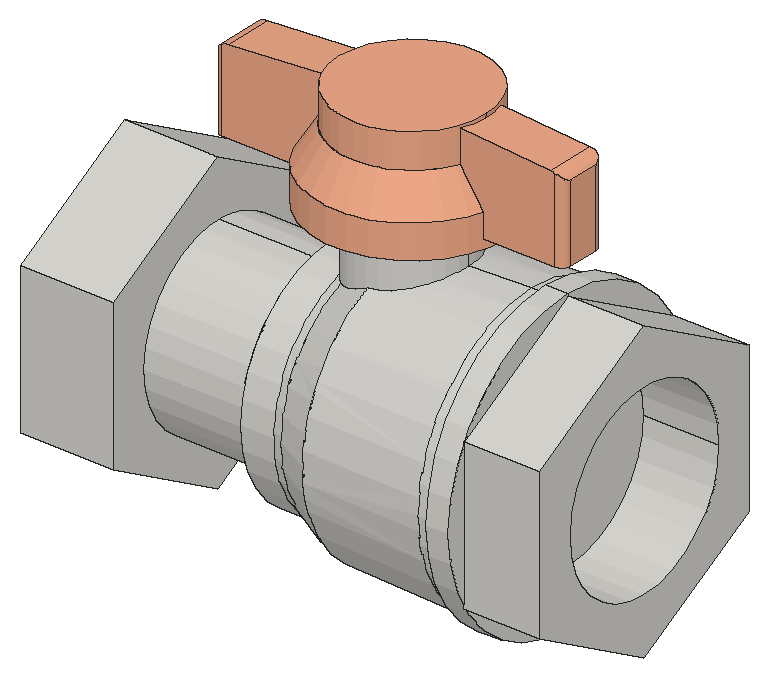
Revit family "1.rvt", category Pipe Accessories, Revit 2018
Family settings
  Round Connector Dimension = Use Diameter
  Part Type = Normal
  OmniClass Number = 23.65.00.00
  OmniClass Title = Supply and Distribution of Liquids and Gases
  Work Plane-Based = No
  Always vertical = No
  Cut with Voids When Loaded = No
  Shared = No
Parameters (values of type "1"x1" - Orange (Color)")
  a = 18 mm
  Youtube clip = ""
  Weight Net (Kg) = "0"  # constant formula
  Uniformat II Description = "HVAC"  # constant formula
  Uniformat II Code = "D20"  # constant formula
  Uniclass 2015 Name = "Plumbing"  # constant formula
  Uniclass 2015 Code = "Ac_10_40_67"  # constant formula
  Uniclass 2.0 Description = "Ball Valves"  # constant formula
  Uniclass 2.0 Code = "PR-94-94-xx"  # constant formula
  Uniclass 1.4 Description = "Valves for water supply/Distribution"  # constant formula
  Uniclass 1.4 Code = "L7117"  # constant formula
  URL = "www.pintossi.it"
  UNSPSC Code = "40141607"
  Technical description = ""
  Region South America = "All"  # constant formula
  Region Oceania = "All"  # constant formula
  Region North America = "All"  # constant formula
  Region Middle East = "All"  # constant formula
  Region Europe = "All"  # constant formula
  Region Asia = "All"  # constant formula
  Region Antarctica = "All"  # constant formula
  Region Africa = "All"  # constant formula
  Radius 2+2 [instance] = Radius 2 + 1 mm  # 13.7 mm
  Radius 2 = [Inlet/Outlet Diameter] / 2  # 12.7 mm
  Radius [instance] = [Main Inlet/Outlet Diameter] / 2  # 12.7 mm
  QR code = ""
  Product url = ""
  Product group = "BALL VALVES WITH SWIVEL NUT"  # constant formula
  Product family = "VATER VALVES"  # constant formula
  Product data url = "https://www.bimobject.com/pintossi/product/5018-female-ball-valve-with-swivel-nut-for-boilers"
  Product certification = ""
  Product SKU = "5018-FEMALE-BALL-VALVE-WITH-SWIVEL-NUT-FOR-BOILERS"
  Product Guid = "f75fd892-afff-41b7-b927-f2203a94f5b5"  # constant formula
  PH: = "Between 7 and 8Between 7 and 8"  # constant formula
  OmniClass Description = "Ball Valves"  # constant formula
  OmniClass Code = "23-27 31 15"  # constant formula
  NBS Reference Description = "Ball Valves"  # constant formula
  NBS Reference Code = "94-94-xx"  # constant formula
  Model = "24x19 - FF Straight ball valve with swivel nut"
  Maximum working temperature = 100 °C  # constant formula
  Maximum working pressure = 0.0 Pa
  Maximum percentage of glycol [%] = 30  # constant formula
  Material secondary = ""
  Material main = "Brass"  # constant formula
  Material Nut = Pintossi - Plastic - Orange ABS
  Material Body = Pintossi - Metal - Brass Nickeled CW617N
  Masterformat 2014 Description = "Ball Valves"  # constant formula
  Masterformat 2014 Code = "40 05 63"  # constant formula
  Manufacturer name = "Pintossi+C"  # constant formula
  Manufacturer country = "Italy"  # constant formula
  Manufacturer = "Pintossi+C"  # constant formula
  Main Inlet/Outlet Diameter = 25.4 mm
  Length 2 = 39 mm
  Length 1 = 31.5 mm
  Length [instance] = 66.7 mm
  Iron (FE): = "< 0,5 mg/kg (< 0,1 mg/kg for steam)"  # constant formula
  Installation instructions = ""
  Inlet/Outlet Diameter = 25.4 mm
  IFC Classification = "Valve"  # constant formula
  Hexagon Radius [instance] = 20.272 mm
  Heigh to the cap = 38 mm
  Fluid aspect: = "Limpid"  # constant formula
  Edition number = 0
  EAN code = ""
  Design country = "Italy"  # constant formula
  Description = "Pintossi+C water ball valves with swivel nut are the perfect solution for the installation and connection to the system of domestic boilers installation and of water meters.\r\n\r\nThe compact specific design of the valves make them suitable to be installed even in reduced spaces."  # constant formula
  Date of publishing = ""
  Copper (CU): = "< 0,1 mg/kg (< 0,05 mg/kg for steam)"  # constant formula
  Conditioning: = "as indicated by the producer"  # constant formula
  Cap for 1 = yes
  Cap dor 1/2, 3/4 = no
  COBIe Type Category = ""
  Brand url = "www.pintossi.it"
  BIMobject category = "Plumbing Valves"  # constant formula
  Application fluids = "Water or glycol solutions"  # constant formula
  Antifreeze: = "Passiveted Propylene Glycol"  # constant formula
  1/2 = no
Types (5, lengths in mm): name | a | Radius 2+2 | Radius 2 | Radius | Model | Material Nut | Main Inlet/Outlet Diameter | Length 2 | Length 1 | Inlet/Outlet Diameter | Hexagon Radius | Heigh to the cap | Cap for 1 | Cap dor 1/2, 3/4 | 1/2
  1/2" x 1/2" - Blue (Color) | 11 | 7.35 | 6.35 | 6.35 | "24x19 - FF Straight ball valve with swivel nut" | Pintossi - Plastic - Blue ABS | 12.7 | 40 | 24 | 12.7 | 13.922 | 30 | no | yes | yes
  3/4" x 3/4" - Blue (Color) | 10.296 | 10.55 | 9.55 | 9.55 | "3/4\" x 3/4\" - FF Straight ball valve with swivel nut" | Pintossi - Plastic - Blue ABS | 19.1 | 39.2 | 27.5 | 19.1 | 15 | 32 | no | yes | no
  1"x1" - Orange (Color) | 18 | 13.7 | 12.7 | 12.7 | "24x19 - FF Straight ball valve with swivel nut" | Pintossi - Plastic - Orange ABS | 25.4 | 39 | 31.5 | 25.4 | 20.272 | 38 | yes | no | no
  3/4" x 3/4" - Red (Color) | 10.296 | 10.55 | 9.55 | 9.55 | "3/4\" x 3/4\" - FF Straight ball valve with swivel nut" | Pintossi - Plastic - Red ABS | 19.1 | 39.2 | 27.5 | 19.1 | 15 | 32 | no | yes | no
  1/2" x 1/2" - Red (Color) | 11 | 7.35 | 6.35 | 6.35 | "24x19 - FF Straight ball valve with swivel nut" | Pintossi - Plastic - Red ABS | 12.7 | 40 | 24 | 12.7 | 13.922 | 30 | no | yes | yes
Reference planes
  plane 1 "Center (Front/Back)": y = 0
  plane 2: z = 0
  plane 3 "Center (Left/Right)": x = 0
  plane 4: x = -2.38
  plane 5: x = -41.38
  plane 6: x = 29.12
  plane 7: x = -28.668
  plane 8: z = 11.457
  plane 9: x = -36.032
  plane 10: x = -2.38
  plane 11: x = -12.573
  plane 12: z = 49.457
  plane 13: z = 40.155
  plane 14: x = -15.062
  plane 15: x = 18.764
  plane 16: z = 49.457
  plane 17: x = -12.944
  plane 18: x = -7.277
  plane 19: x = -8.493
  plane 20: x = 15.76
  plane 21: x = 13.832
  plane 22: x = 12.334
  plane 23: x = -2.24
  plane 24: z = 31.729
  plane 25: z = 24.157
  plane 26: z = 27.287
  plane 27: z = 30.179
  plane 28: z = 30.684
  plane 29: z = 11.457
  plane 30: x = -2.38
  plane 31: x = -2.38
  plane 32: z = 45.957
  plane 33: z = 36.655
Forms (mm)
  Sweep 1, solid, material "Pintossi - Metal - Brass Nickeled CW617N" <- "Material Body", detail levels fine
    path origin (0, 0, 0) x (1, 0, 0) y (0, 0, 1)
      loop
        line (-15.062, 11.457) -> (-28.668, 11.457)
    profile origin (-21.865, 0, 11.457) x (0, 0, -1) y (0, -1, 0)
      loop
        circle (0, 0) r 12.7
  Extrusion 2, solid, material "Pintossi - Metal - Brass Nickeled CW617N" <- "Material Body", detail levels fine
    sketch origin (0, 0, 0) x (0, 1, 0) y (0, 0, 1)
      loop
        line (17.63, 1.45) -> (17.63, 21.722) -> (0, 31.729) -> (-17.63, 21.722) -> (-17.63, 1.45) -> (0, -8.557) -> (17.63, 1.45)
      loop
        circle (0, 11.457) r 12.7
    from -41.38 to -28.668
  Revolve 3, solid, material "Pintossi - Metal - Brass Nickeled CW617N" <- "Material Body", detail levels fine
    sketch origin (0, 0, 0) x (1, 0, 0) y (0, 0, 1)
      loop
        line (-2.38, 17.213) -> (-2.38, 40.155) -> (-10.088, 40.155) -> (-10.088, 17.213) -> (-2.38, 17.213)
      axis (-2.38, 40.155) -> (-2.38, 17.213)
    angle from 0 to 360
  Extrusion 4, solid, material "Pintossi - Metal - Brass Nickeled CW617N" <- "Material Body", detail levels fine
    sketch origin (0, 0, 0) x (0, 1, 0) y (0, 0, -1)
      loop
        line (17.63, -1.192) -> (0, 8.815) -> (-17.63, -1.192) -> (-17.63, -21.464) -> (0, -31.471) -> (17.63, -21.464) -> (17.63, -1.192)
      loop
        circle (0, -11.457) r 12.7
    from -29.12 to -18.764
  Revolve 5, solid, material "Pintossi - Metal - Brass Nickeled CW617N" <- "Material Body", detail levels fine
    sketch origin (0, 0, 0) x (1, 0, 0) y (0, 0, 1)
      loop
        line (-12.944, 27.287) -> (-15.062, 24.157) -> (-15.062, 11.457) -> (18.764, 11.457) -> (18.764, 31.729) -> (15.76, 31.729) -> (15.76, 30.684) -> (13.832, 30.684) -> (-2.24, 30.179) -> (-7.277, 27.612) -> (-8.493, 27.287) -> (-12.944, 27.287)
      axis (-15.062, 11.457) -> (18.764, 11.457)
    angle from 0 to 360
  Extrusion 6, solid, material "Pintossi - Metal - Brass Nickeled CW617N" <- "Material Body", visible <- "1/2", detail levels fine
    sketch origin (0, 0, 0) x (0, 1, 0) y (0, 0, 1)
      loop
        circle (0, 11.457) r 9.805
    from -21.148 to -8.493
  Extrusion 7, solid, material "Pintossi - Plastic - Orange ABS" <- "Material Nut", detail levels fine
    sketch origin (65.854, 0, -54.803) x (-1, 0, 0) y (0, -1, 0)
      loop
        circle (68.234, -0.078) r 13.032
    from 90.422 to 94.958
  Extrusion 8, solid, material "Pintossi - Plastic - Orange ABS" <- "Material Nut", visible <- "Cap dor 1/2, 3/4", detail levels fine
    sketch origin (65.854, 0, -54.803) x (-1, 0, 0) y (0, -1, 0)
      loop
        circle (68.234, -0.078) r 10
    from 99.711 to 104.416
  Blend 9, solid, material "Pintossi - Plastic - Orange ABS" <- "Material Nut", detail levels fine
    base sketch origin (65.854, 0, -54.803) x (-1, 0, 0) y (0, -1, 0)
      loop
        circle (68.234, -0.078) r 13.032
    top sketch origin (65.854, 0, -54.803) x (-1, 0, 0) y (0, -1, 0)
      loop
        circle (68.234, -0.078) r 10
    from 94.958 to 99.711
  Extrusion 10, solid, material "Pintossi - Plastic - Orange ABS" <- "Material Nut", visible <- "Cap dor 1/2, 3/4", detail levels fine
    sketch origin (65.854, 0, -54.803) x (-1, 0, 0) y (0, -1, 0)
      loop
        arc (34.234, -1.84) -> (34.608, -2.742) -> (35.509, -3.115) r 1.275
        line (35.509, -3.115) -> (81.801, -3.115)
        arc (81.801, -3.115) -> (82.445, -2.848) -> (82.713, -2.203) r 0.912
        line (82.713, -2.203) -> (82.713, 2.744)
        arc (82.713, 2.744) -> (82.483, 3.297) -> (81.93, 3.527) r 0.783
        line (81.93, 3.527) -> (35.403, 3.527)
        arc (35.403, 3.527) -> (34.576, 3.184) -> (34.234, 2.358) r 1.169
        line (34.234, 2.358) -> (34.234, -1.84)
    from 91.773 to 104.416
  Extrusion 11, void
    sketch origin (65.854, 0, -54.803) x (-1, 0, 0) y (0, -1, 0)
      loop
        arc (68.234, -15.506) -> (83.74, 0) -> (68.234, 15.506) r 15.506
        line (68.234, 15.506) -> (68.234, 13.11)
        arc (68.234, 13.11) -> (81.344, 0) -> (68.234, -13.11) r 13.11
        line (68.234, -13.11) -> (68.234, -15.506)
    from 91.074 to 120.214
  Extrusion 12, void
    sketch origin (71.841, 0, -54.017) x (-1, 0, 0) y (0, 0, -1)
      loop
        line (64.926, -104.032) -> (41.6, -102.41)
        arc (41.6, -102.41) -> (40.221, -101.817) -> (39.516, -100.493) r 2.268
        line (39.516, -100.493) -> (35.49, -100.493) -> (35.49, -101.751) -> (35.49, -109.222) -> (64.926, -109.222) -> (64.926, -104.032)
    from -8.649 to 19.858
  Extrusion 13, solid, material "Pintossi - Plastic - Orange ABS" <- "Material Nut", not visible, detail levels fine
    sketch origin (65.854, 0, -58.303) x (-1, 0, 0) y (0, -1, 0)
      loop
        circle (68.234, -0.078) r 13.032
    from 90.422 to 94.958
  Extrusion 14, solid, material "Pintossi - Plastic - Orange ABS" <- "Material Nut", visible <- "Cap dor 1/2, 3/4", not visible, detail levels fine
    sketch origin (65.854, 0, -58.303) x (-1, 0, 0) y (0, -1, 0)
      loop
        circle (68.234, -0.078) r 10
    from 99.711 to 104.416
  Blend 15, solid, material "Pintossi - Plastic - Orange ABS" <- "Material Nut", not visible, detail levels fine
    base sketch origin (65.854, 0, -58.303) x (-1, 0, 0) y (0, -1, 0)
      loop
        circle (68.234, -0.078) r 13.032
    top sketch origin (65.854, 0, -58.303) x (-1, 0, 0) y (0, -1, 0)
      loop
        circle (68.234, -0.078) r 10
    from 94.958 to 99.711
  Extrusion 16, solid, material "Pintossi - Plastic - Orange ABS" <- "Material Nut", visible <- "Cap dor 1/2, 3/4", not visible, detail levels fine
    sketch origin (65.854, 0, -58.303) x (-1, 0, 0) y (0, -1, 0)
      loop
        arc (34.234, -1.84) -> (34.608, -2.742) -> (35.509, -3.115) r 1.275
        line (35.509, -3.115) -> (81.801, -3.115)
        arc (81.801, -3.115) -> (82.445, -2.848) -> (82.713, -2.203) r 0.912
        line (82.713, -2.203) -> (82.713, 2.744)
        arc (82.713, 2.744) -> (82.483, 3.297) -> (81.93, 3.527) r 0.783
        line (81.93, 3.527) -> (35.403, 3.527)
        arc (35.403, 3.527) -> (34.576, 3.184) -> (34.234, 2.358) r 1.169
        line (34.234, 2.358) -> (34.234, -1.84)
    from 91.773 to 104.416
  Extrusion 17, void, not visible
    sketch origin (65.854, 0, -58.303) x (-1, 0, 0) y (0, -1, 0)
      loop
        arc (68.234, -15.506) -> (83.74, 0) -> (68.234, 15.506) r 15.506
        line (68.234, 15.506) -> (68.234, 13.11)
        arc (68.234, 13.11) -> (81.344, 0) -> (68.234, -13.11) r 13.11
        line (68.234, -13.11) -> (68.234, -15.506)
    from 91.074 to 120.214
  Extrusion 18, void, not visible
    sketch origin (71.841, 0, -57.517) x (-1, 0, 0) y (0, 0, -1)
      loop
        line (64.926, -104.032) -> (41.6, -102.41)
        arc (41.6, -102.41) -> (40.221, -101.817) -> (39.516, -100.493) r 2.268
        line (39.516, -100.493) -> (35.49, -100.493) -> (35.49, -101.751) -> (35.49, -109.222) -> (64.926, -109.222) -> (64.926, -104.032)
    from -8.649 to 19.858
  Extrusion 19, solid, material "Pintossi - Plastic - Orange ABS" <- "Material Nut", visible <- "Cap for 1", detail levels fine
    sketch origin (55.904, 0, -54.803) x (-1, 0, 0) y (0, -1, 0)
      loop
        arc (34.859, -1.84) -> (35.233, -2.742) -> (36.134, -3.115) r 1.275
        line (36.134, -3.115) -> (81.176, -3.115)
        arc (81.176, -3.115) -> (81.82, -2.848) -> (82.088, -2.203) r 0.912
        line (82.088, -2.203) -> (82.088, 2.744)
        arc (82.088, 2.744) -> (81.858, 3.297) -> (81.305, 3.527) r 0.783
        line (81.305, 3.527) -> (36.028, 3.527)
        arc (36.028, 3.527) -> (35.201, 3.184) -> (34.859, 2.358) r 1.169
        line (34.859, 2.358) -> (34.859, -1.84)
    from 91.773 to 104.416
  Extrusion 20, void
    sketch origin (60.908, 0, -54.017) x (-1, 0, 0) y (0, 0, -1)
      loop
        line (62.407, -103.857) -> (41.6, -102.41)
        arc (41.6, -102.41) -> (40.221, -101.817) -> (39.516, -100.493) r 2.268
        line (39.516, -100.493) -> (35.49, -100.493) -> (35.49, -101.751) -> (35.49, -109.222) -> (62.407, -109.222) -> (62.407, -103.857)
    from -8.649 to 19.858
  Extrusion 21, void
    sketch origin (-65.98, 0, -54.017) x (1, 0, 0) y (0, 0, 1)
      loop
        line (62.407, 103.857) -> (62.407, 109.222) -> (35.49, 109.222) -> (35.49, 101.751) -> (35.49, 100.493) -> (39.516, 100.493)
        arc (39.516, 100.493) -> (40.221, 101.817) -> (41.6, 102.41) r 2.268
        line (41.6, 102.41) -> (62.407, 103.857)
    from -8.649 to 19.858
  Extrusion 22, solid, material "Pintossi - Plastic - Orange ABS" <- "Material Nut", visible <- "Cap for 1", not visible, detail levels fine
    sketch origin (55.904, 0, -58.303) x (-1, 0, 0) y (0, -1, 0)
      loop
        arc (34.859, -1.84) -> (35.233, -2.742) -> (36.134, -3.115) r 1.275
        line (36.134, -3.115) -> (81.176, -3.115)
        arc (81.176, -3.115) -> (81.82, -2.848) -> (82.088, -2.203) r 0.912
        line (82.088, -2.203) -> (82.088, 2.744)
        arc (82.088, 2.744) -> (81.858, 3.297) -> (81.305, 3.527) r 0.783
        line (81.305, 3.527) -> (36.028, 3.527)
        arc (36.028, 3.527) -> (35.201, 3.184) -> (34.859, 2.358) r 1.169
        line (34.859, 2.358) -> (34.859, -1.84)
    from 91.773 to 104.416
  Extrusion 23, void, not visible
    sketch origin (60.908, 0, -57.517) x (-1, 0, 0) y (0, 0, -1)
      loop
        line (62.407, -103.857) -> (41.6, -102.41)
        arc (41.6, -102.41) -> (40.221, -101.817) -> (39.516, -100.493) r 2.268
        line (39.516, -100.493) -> (35.49, -100.493) -> (35.49, -101.751) -> (35.49, -109.222) -> (62.407, -109.222) -> (62.407, -103.857)
    from -8.649 to 19.858
  Extrusion 24, void, not visible
    sketch origin (-65.98, 0, -57.517) x (1, 0, 0) y (0, 0, 1)
      loop
        line (62.407, 103.857) -> (62.407, 109.222) -> (35.49, 109.222) -> (35.49, 101.751) -> (35.49, 100.493) -> (39.516, 100.493)
        arc (39.516, 100.493) -> (40.221, 101.817) -> (41.6, 102.41) r 2.268
        line (41.6, 102.41) -> (62.407, 103.857)
    from -8.649 to 19.858
  Extrusion 25, solid, material "Pintossi - Plastic - Orange ABS" <- "Material Nut", visible <- "Cap for 1", detail levels fine
    sketch origin (65.854, 0, 0) x (-1, 0, 0) y (0, -1, 0)
      loop
        circle (68.234, -0.078) r 10
    from 44.908 to 49.613
  Extrusion 26, solid, material "Pintossi - Plastic - Orange ABS" <- "Material Nut", visible <- "Cap for 1", not visible, detail levels fine
    sketch origin (65.854, 0, -3.5) x (-1, 0, 0) y (0, -1, 0)
      loop
        circle (68.234, -0.078) r 10
    from 44.908 to 49.613
Cuts and joins
  joined: Revolve 3, Revolve 5
  Extrusion 11, Extrusion 12 cuts Extrusion 10
  joined: Extrusion 8, Extrusion 10
  joined: Extrusion 7, Blend 9
  Extrusion 20, Extrusion 21 cuts Extrusion 19
  joined: Extrusion 19, Extrusion 25
Lines and regions (mm)
  symbolic lines
    curve 1: line (-4.266, 0, 0) -> (-41.38, 16.712, 0)
    curve 2: line (-4.266, 0, 0) -> (-41.38, -16.712, 0)
    curve 3: line (-41.38, 16.712, 0) -> (-41.38, -16.712, 0)
    curve 4: line (-4.266, 0, 0) -> (29.12, 16.712, 0)
    curve 5: line (-4.266, 0, 0) -> (29.12, -16.712, 0)
    curve 6: line (29.12, 16.712, 0) -> (29.12, -16.712, 0)
  model lines, detail levels coarse+medium
    curve 7: line (-41.38, 0, 35.166) -> (29.12, 0, 0)
    curve 8: line (-41.38, 0, 0) -> (29.12, 0, 36.495)
    curve 9: line (-41.38, 0, 35.166) -> (-41.38, 0, 0)
    curve 10: line (29.12, 0, 0) -> (29.12, 0, 36.495)
Dimensions and locks
  locked: plane 4 to plane 3 "Center (Left/Right)" at 2.38
  locked: plane 9 to plane 7 at 7.363
  "Hexagon Radius": Extrusion 2 sketch curve to Extrusion 2 sketch curve  (x6)
  "Hexagon Radius": plane 8 to Extrusion 2 sketch curve
  "Hexagon Radius": Extrusion 4 sketch curve to Extrusion 4 sketch curve  (x6)
  locked: Revolve 3 sketch curve to Revolve 3 sketch curve at 7.708
  "Hexagon Radius": Extrusion 4 sketch curve to plane 8
  locked: plane 8 to level at 11.457
  "Length 2": plane 5 to plane 4
  "Length 1": plane 4 to plane 6
  "Heigh to the cap": plane 16 to plane 8
  locked: plane 5 to plane 7 at 12.711
  "Radius 2": plane 25 to plane 29
  locked: plane 29 to level at 11.457
  plane 14 to plane 17 to plane 19 to plane 18 to plane 23 = 2.118 mm locked, 4.451 mm locked, 1.216 mm locked, 5.037 mm locked
  "a": plane 23 to plane 20
  locked: plane 22 to plane 21 at 1.497
  locked: plane 21 to plane 20 at 1.928
  locked: plane 6 to plane 15 at 10.356
  plane 24 to plane 28 to plane 27 to plane 26 = 1.046 mm locked, 0.505 mm locked, 2.892 mm locked
  "Hexagon Radius": plane 24 to plane 29
  "Radius": radius of Sweep 1 sketch curve
  "Radius": radius of Extrusion 2 sketch curve
  "Radius": radius of Extrusion 4 sketch curve
  locked: Extrusion 2 sketch curve to Extrusion 2 sketch curve (angle 119.58°)  (x2)
  angle Extrusion 2 sketch curve to Extrusion 2 sketch curve = 119.58°  (x2)
  locked: Extrusion 2 sketch curve to Extrusion 2 sketch curve (angle 120.84°)
  angle Extrusion 4 sketch curve to Extrusion 4 sketch curve = 119.58°  (x3)
  angle Extrusion 4 sketch curve to Extrusion 4 sketch curve = 60.42°
  angle Extrusion 4 sketch curve to Extrusion 4 sketch curve = 120.84°
  aligned and locked: level to plane 2
  aligned and locked: plane 7 to Sweep 1 sketch curve
  aligned and locked: plane 5 to Extrusion 2
  aligned and locked: Extrusion 2 to plane 7
  aligned and locked: plane 10 to Revolve 3 sketch curve
  aligned and locked: Revolve 3 sketch curve to plane 10
  aligned and locked: plane 5 to curve 3
  aligned and locked: plane 6 to curve 6
  aligned and locked: plane 5 to curve 9
  aligned and locked: curve 10 to plane 6
  aligned and locked: Revolve 3 to plane 13
  aligned and locked: Sweep 1 sketch curve to plane 8
  aligned and locked: plane 15 to Extrusion 4
  aligned and locked: plane 16 to plane 12
  aligned and locked: plane 17 to Revolve 5 sketch curve
  aligned and locked: Revolve 5 sketch curve to Extrusion 4
  aligned and locked: plane 18 to Revolve 5 sketch curve
  aligned and locked: plane 19 to Revolve 5 sketch curve
  aligned and locked: plane 21 to Revolve 5 sketch curve
  aligned and locked: plane 14 to Revolve 5 sketch curve
  aligned and locked: plane 29 to Revolve 5 sketch curve
  aligned and locked: Extrusion 4 to plane 6
  aligned and locked: plane 24 to Revolve 5 sketch curve
  aligned and locked: plane 10 to plane 30
Automatic sketch dimensions
  curve 7 to level = 0 mm
  curve 8 to level = 0 mm
  curve 9 to plane 13 = 4.989 mm
  curve 10 to plane 13 = 3.66 mm
  plane 1 "Center (Front/Back)" to curve 2 = 0 mm
  plane 4 to curve 2 = 1.886 mm
  plane 1 "Center (Front/Back)" to curve 6 = 16.712 mm
  plane 1 "Center (Front/Back)" to curve 2 = 16.712 mm
  curve 1 to plane 1 "Center (Front/Back)" = 16.712 mm
  curve 6 to plane 1 "Center (Front/Back)" = 16.712 mm
  plane 14 to Sweep 1 sketch curve = 0 mm
  Revolve 3 sketch curve to plane 13 = 0 mm
  Revolve 3 sketch curve to plane 8 = 5.756 mm
  Revolve 3 sketch curve to plane 13 = 7.905 mm
  Revolve 3 sketch curve to plane 8 = 0.62 mm
  Extrusion 6 sketch curve to plane 1 "Center (Front/Back)" = 0 mm
  plane 8 to Extrusion 6 sketch curve = 0 mm
  Extrusion 7 sketch curve to plane 10 = 0 mm
  Extrusion 8 sketch curve to plane 10 = 0 mm
  Blend 9 sketch curve to Blend 9 sketch curve = 0 mm  (x2)
  Blend 9 sketch curve to plane 10 = 0 mm  (x2)
  Blend 9 sketch curve to Blend 9 sketch curve = 13.032 mm
  Extrusion 10 sketch curve to plane 10 = 34 mm
  Extrusion 10 sketch curve to Extrusion 10 sketch curve = 1.169 mm
  Extrusion 10 sketch curve to Extrusion 10 sketch curve = 1.275 mm
  plane 10 to Extrusion 10 sketch curve = 13.566 mm
  Extrusion 10 sketch curve to Extrusion 10 sketch curve = 0.129 mm
  Extrusion 10 sketch curve to Extrusion 10 sketch curve = 0.783 mm
  Extrusion 10 sketch curve to Extrusion 10 sketch curve = 4.198 mm
  Extrusion 11 sketch curve to Extrusion 11 sketch curve = 0 mm  (x2)
  Extrusion 11 sketch curve to plane 10 = 0 mm
  Extrusion 11 sketch curve to Extrusion 11 sketch curve = 2.397 mm
  Extrusion 11 sketch curve to Extrusion 11 sketch curve = 13.11 mm
  Extrusion 12 sketch curve to plane 12 = 1.723 mm
  Extrusion 12 sketch curve to plane 10 = 38.731 mm
  Extrusion 12 sketch curve to Extrusion 12 sketch curve = 4.026 mm
  Extrusion 12 sketch curve to plane 12 = 1.064 mm
  Extrusion 12 sketch curve to Extrusion 12 sketch curve = 2.084 mm
  Extrusion 12 sketch curve to Extrusion 12 sketch curve = 2.241 mm
  Extrusion 12 sketch curve to plane 10 = 9.295 mm
  plane 12 to Extrusion 12 sketch curve = 0.558 mm
  Extrusion 12 sketch curve to Extrusion 12 sketch curve = 5.191 mm
  Extrusion 12 sketch curve to Extrusion 12 sketch curve = 1.917 mm
  Extrusion 19 sketch curve to plane 10 = 23.425 mm
  Extrusion 19 sketch curve to Extrusion 19 sketch curve = 1.169 mm
  Extrusion 19 sketch curve to Extrusion 19 sketch curve = 1.275 mm
  plane 10 to Extrusion 19 sketch curve = 22.892 mm
  Extrusion 19 sketch curve to Extrusion 19 sketch curve = 0.129 mm
  Extrusion 19 sketch curve to Extrusion 19 sketch curve = 0.783 mm
  Extrusion 19 sketch curve to Extrusion 19 sketch curve = 4.198 mm
  Extrusion 20 sketch curve to plane 12 = 1.723 mm
  Extrusion 20 sketch curve to plane 10 = 27.798 mm
  Extrusion 20 sketch curve to Extrusion 20 sketch curve = 4.026 mm
  Extrusion 20 sketch curve to plane 12 = 1.064 mm
  Extrusion 20 sketch curve to Extrusion 20 sketch curve = 2.084 mm
  Extrusion 20 sketch curve to Extrusion 20 sketch curve = 0.157 mm
  Extrusion 20 sketch curve to plane 10 = 0.88 mm
  plane 12 to Extrusion 20 sketch curve = 0.383 mm
  Extrusion 20 sketch curve to Extrusion 20 sketch curve = 5.366 mm
  Extrusion 20 sketch curve to Extrusion 20 sketch curve = 1.917 mm
  Extrusion 21 sketch curve to plane 12 = 1.723 mm
  plane 10 to Extrusion 21 sketch curve = 28.111 mm
  Extrusion 21 sketch curve to Extrusion 21 sketch curve = 4.026 mm
  Extrusion 21 sketch curve to plane 12 = 1.064 mm
  Extrusion 21 sketch curve to Extrusion 21 sketch curve = 2.084 mm
  Extrusion 21 sketch curve to Extrusion 21 sketch curve = 0.157 mm
  plane 10 to Extrusion 21 sketch curve = 1.193 mm
  Extrusion 21 sketch curve to Extrusion 21 sketch curve = 1.917 mm
  plane 12 to Extrusion 21 sketch curve = 0.383 mm
  plane 12 to Extrusion 21 sketch curve = 5.748 mm
  Extrusion 13 sketch curve to plane 31 = 0 mm
  Extrusion 14 sketch curve to plane 31 = 0 mm
  Blend 15 sketch curve to Blend 15 sketch curve = 0 mm  (x2)
  Blend 15 sketch curve to plane 31 = 0 mm  (x2)
  Blend 15 sketch curve to Blend 15 sketch curve = 13.032 mm
  Extrusion 16 sketch curve to plane 31 = 34 mm
  Extrusion 16 sketch curve to Extrusion 16 sketch curve = 1.169 mm
  Extrusion 16 sketch curve to Extrusion 16 sketch curve = 1.275 mm
  plane 31 to Extrusion 16 sketch curve = 13.566 mm
  Extrusion 16 sketch curve to Extrusion 16 sketch curve = 0.129 mm
  Extrusion 16 sketch curve to Extrusion 16 sketch curve = 0.783 mm
  Extrusion 16 sketch curve to Extrusion 16 sketch curve = 4.198 mm
  Extrusion 17 sketch curve to Extrusion 17 sketch curve = 0 mm  (x2)
  Extrusion 17 sketch curve to plane 31 = 0 mm
  Extrusion 17 sketch curve to Extrusion 17 sketch curve = 2.397 mm
  Extrusion 17 sketch curve to Extrusion 17 sketch curve = 13.11 mm
  Extrusion 18 sketch curve to plane 32 = 1.723 mm
  Extrusion 18 sketch curve to plane 31 = 38.731 mm
  Extrusion 18 sketch curve to Extrusion 18 sketch curve = 4.026 mm
  Extrusion 18 sketch curve to plane 32 = 1.064 mm
  Extrusion 18 sketch curve to Extrusion 18 sketch curve = 2.084 mm
  Extrusion 18 sketch curve to Extrusion 18 sketch curve = 2.241 mm
  Extrusion 18 sketch curve to plane 31 = 9.295 mm
  plane 32 to Extrusion 18 sketch curve = 0.558 mm
  Extrusion 18 sketch curve to Extrusion 18 sketch curve = 5.191 mm
  Extrusion 18 sketch curve to Extrusion 18 sketch curve = 1.917 mm
  Sweep 1 sketch curve to plane 1 "Center (Front/Back)" = 0 mm
  Sweep 1 sketch curve to profile plane = 0 mm
  Extrusion 2 sketch curve to plane 1 "Center (Front/Back)" = 0 mm  (x2)
  plane 8 to Extrusion 2 sketch curve = 0 mm
  Extrusion 4 sketch curve to plane 1 "Center (Front/Back)" = 0 mm  (x2)
  plane 8 to Extrusion 4 sketch curve = 0 mm
  Revolve 5 sketch curve to plane 8 = 0 mm
  plane 23 to Revolve 5 sketch curve = 0 mm
  plane 20 to Revolve 5 sketch curve = 0 mm
  Revolve 5 sketch curve to plane 25 = 0 mm
  Revolve 5 sketch curve to plane 26 = 0 mm
  Revolve 5 sketch curve to plane 27 = 0 mm
  Revolve 5 sketch curve to plane 28 = 0 mm
  plane 26 to Revolve 5 sketch curve = 0.326 mm
  Revolve 5 sketch curve to Revolve 5 sketch curve = 2.395 mm
  plane 4 to Revolve 5 sketch curve = 1.728 mm
  Extrusion 25 sketch curve to plane 10 = 0 mm
  radius of Extrusion 6 sketch curve = 9.805 mm
  radius of Extrusion 7 sketch curve = 13.032 mm
  radius of Extrusion 8 sketch curve = 10 mm
  radius of Blend 9 sketch curve = 10 mm
  radius of Extrusion 13 sketch curve = 13.032 mm
  radius of Extrusion 14 sketch curve = 10 mm
  radius of Blend 15 sketch curve = 10 mm
  radius of Extrusion 25 sketch curve = 10 mm
  radius of Extrusion 26 sketch curve = 10 mm
Connectors
  piping at (-41.38, 0, 11.457), diameter 25.4, driven by "Main Inlet/Outlet Diameter"
    settings: on Extrusion 2, index 1, connector inside diameter 609.6 mm, connector length 0 mm, flow factor 0, pipe flow 0.0 L/s, pressure drop 0.0 Pa, fitting loss kfactor 0, connector angle 0.00°, fixture units 0, engagement length 0 mm, angle of deflection 0.00°, flow configuration 0, flow direction 0, fitting loss method 0, system type 29, joint type 0, gender type 0, connector reference index -1, connector utility 0, adjustable connector no, is connector primary yes, connector description ""
  piping at (29.12, 0, 11.457), diameter 25.4, driven by "Main Inlet/Outlet Diameter"
    settings: on Extrusion 4, index 2, connector inside diameter 609.6 mm, connector length 0 mm, flow factor 0, pipe flow 0.0 L/s, pressure drop 0.0 Pa, fitting loss kfactor 0, connector angle 0.00°, fixture units 0, engagement length 0 mm, angle of deflection 0.00°, flow configuration 0, flow direction 0, fitting loss method 0, system type 29, joint type 0, gender type 0, connector reference index -1, connector utility 0, adjustable connector no, is connector primary no, connector description ""
